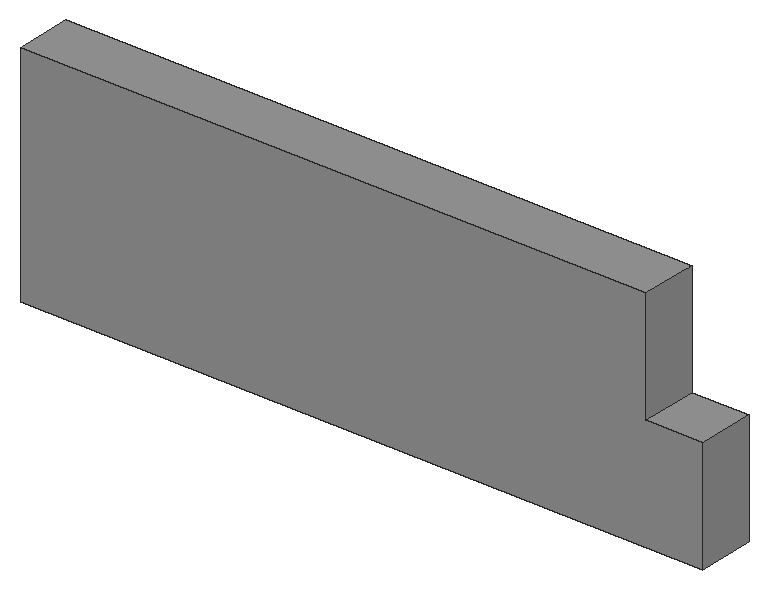
Revit family "10. Marina_PRecta_ESP", category Generic Models, host Wall, Revit 2015
Parameters (values of type "Stonepanel® SKY Marina. 20 cm - 60 cm")
  Ventajas de Stonepanel = "Eficaz: Instalación ágil y sencilla : 10 veces más rápido que la mampostería tradicional (Ritmo medio de colocación de 20 m2/día). Mayor rentabilidad gracias al menor desperdicio de material en obra y a la durabilidad de un producto natural frente a otros revestimientos. La colocación de los paneles no requiere mano de obra ni maquinaria especializada.\r\nSeguro: Un sistema de anclaje patentado, de acero inoxidable, que permite su instalación a más de 2 metros de altura. Base de cemento homogénea y rugosa que garantiza la adhesión y permite el corte sin desprendimiento.\r\nCalidad: Control permanente del proceso de producción desde la oficina I+D+I. Una cuidada selección de piedra natural realizada por los expertos de CUPASTONE. Disponibilidad de piezas especiales para adaptarse perfectamente a cada edificio: esquinas (macizas, rectas, dobles o para ventanas), cubremuros, y otros complementarios.\r\nEstética: Forma de “S” que evita la visión de las juntas para homogenizar el aspecto final. Gran variedad de paneles para elegir entre colores y acabados de piedra natural. La propia belleza y exclusividad de la piedra natural: Cada piedra es\r\núnica."
  Usos Indicados = "Revestimiento de Paredes exteriores e interiores en edificaciones nuevas o rehabilitaciones"
  Uniclass 2015 = "Pr_25_71_14_56 Natural stone panels"
  Uniclass 2 = "Pr_25_71_14_56 Natural stone panels"
  URL = "http://www.cupastone.es/producto/stonepanel-silvestre/"
  Sistema de anclaje = "Cinta perforada en acero inoxidable:\r\n- Naturaleza del acero: AISI 316 (1.4401) o AISI 304 (1.4301)\r\n- Espesor mínimo (mm) : 0,7\r\n- Ancho (mm) : 12 a 15\r\n- Diámetro del hueco (mm) : 6 ± 1\r\n\r\nTacos:\r\nLa elección de los tacos y clavijas de fijación debe ser realizada teniendo en cuenta la acción en depresión del viento (muros exteriores) y de la resistencia de los tacos en el soporte, en función de la naturaleza del soporte."
  Resistencia al fuego = "No combustible"
  Resistencia a la flexión = "-"
  Resistencia al hielo = "Sin alteraciones despues de 50 ciclos"
  Resistencia = "Buena resistencia"
  Peso = "10,3 kg"
  Oxidación = "No oxida"
  Otros datos de interés del producto = "Dispone de un anclaje para instalar a alturas superiores a 2 metros"
  Omniclass = "23-15 15 15 11"
  Número de serie = "SPZ-66N"
  NBS Reference = "45-25-45/380 Natural stone panels"
  Model = "Stonepanel® SKY Silvestre"
  Material = "Panel de arenisca dorada con distintas tonalidades tierra, crema y marrón que conforman una combinación elegante y luminosa."
  Limpieza = "En general, los paneles no requieren mantenimiento y son auto- limpiantes, pero la eliminación de algunos tipos de marcas pueden requerir un tratamiento especializado.\r\nEn caso de suciedad anormal, la superficie puede limpiarse con una mezcla / detergente doméstico y agua caliente , aplicada con una almohadilla de limpieza adecuado o una esponja."
  Largo = 600 mm
  Impacto = "-"
  Type Image = <None>
  Formato = "600x200"
  Forma de suministro = "Los paneles se presentan en parejas, en un embalaje plástico o en cajas de cartón de 3 o 4 piezas."
  Forma = "Forma de \"s\""
  Manufacturer = "Cupastone"
  Envejecimiento por cambio térmicos = "Sin alteraciones después de 20 ciclos."
  Ensayos realizados por SINTEF = "Ensayo a los materiales de piedra, Ensayos a los paneles, Durabilidad y absorción de agua"
  Ensayos realizados por DIBt = "Adherencia entre piedra y mortero, Adherencia entre piedra y mortero tras 50 ciclos de hielo-deshielo"
  Ensayos realizados por BBA = "Resistencia a daños por heladicidad, Resistencia a choque térmico, Adherencia entre piedra y mortero, Resistencia al arrancamiento del anclaje, Resistencia a impacto"
  Ensayos realizados por Avis Technique = "Resistencia mecánica del anclaje, Resistencia mecánica de la cinta de seguridad, Ensayo de durabilidad tras la acción del agua, Ensayo de durabilidad tras la acción del hielo, Ensayo sísmico"
  Durabilidad = "Según el certificado BBA, el sistema tiene una vida de diseño superior a 30 años."
  Detalles constructivos = "Detalles de:\r\n- Instalación con perfil metálico\r\n- Instalación de Stonepanel\r\n- Instalación en muro interior\r\n- Instalación del elemento de seguridad (cinta perforada + tacos)\r\n- Esquinas entrantes\r\n- Esquinas salientes\r\n- Esquinas salientes pre-fabricadas\r\n- Esquinas salientes mediante serrado del panel\r\n- Esquinas salientes sin continuidad de Stonepanel (caso de una fachada lateral)\r\n- Bordes superiores\r\n- Sobre parapeto\r\n- Marco de vano"
  Desfase de altura = 0 mm
  Description = "Pieza de piedra natural montada sobre una base de cemento y reforzada con una malla de fibra de vidrio .\r\nPosee sistema de anclaje patentado, de acero inoxidable, que permite su instalación a más de 2 metros de altura"
  Densidad aparente = "93,6 kg/m2"
  Color secundario = "Marrón, Rosáceo y Verde"
  Color principal = "Beige"
  Certificaciones = "BBA - Reino Unido, Avis Technique - Francia, DIBt - Alemania, SINTEF - Noruega"
  Aspecto = "Rústico"
  Ancho = 50 mm
  Alto = 200 mm
  Adherencia del mortero = ">1N/mm2"
  Acabado = "Natural (Opción de acabado Vintage SPZ 55TH)"
  Absorción = "Baja absorción"
Types (2): name
  Stonepanel® SKY Marina
  Stonepanel® SKY Marina. 20 cm - 60 cm
Reference planes
  plane 1 "Muro": y = 0
  plane 2 "Centro (Izquierda/Derecha)": x = 125
  plane 3 "Posterior": y = 75
Forms (mm)
  Extrusion 1, solid, material "Stonepanel® SKY Marina"
    sketch origin (0, 160, 1120) x (1, 0, 0) y (0, 0, 1)
      loop
        line (125, -1120) -> (125, -1020) -> (75, -1020) -> (75, -920) -> (-475, -920) -> (-475, -1120) -> (125, -1120)
    from 35 to 85
Text (mm)
  text "Cara de colocación" at (-1848.837, 1116.779, 0), in view "Nivel de referencia"
  text "Cara de colocación" at (0, 1409.804, 2854.306), in view "Izquierda"
  text "Cara de colocación" at (0, 499.811, 2980.732), in view "Derecha"
Dimensions and locks
  locked: plane 3 "Posterior" to host wall
  locked: Extrusion 1 to plane 3 "Posterior" at 0
  "Ancho": Extrusion 1 to Extrusion 1
  "Largo": Extrusion 1 to Extrusion 1
  locked: Extrusion 1 to Extrusion 1 at 100
  "Desfase de altura": level to Extrusion 1
  locked: Extrusion 1 to Extrusion 1 at 50
  "Alto": Extrusion 1 to Extrusion 1
  aligned and locked: plane 1 "Muro" to host wall
Automatic sketch dimensions
  Extrusion 1 sketch curve to level = 0 mm
  Extrusion 1 sketch curve to plane 2 "Centro (Izquierda/Derecha)" = 0 mm
  Extrusion 1 sketch curve to plane 2 "Centro (Izquierda/Derecha)" = 50 mm
  level to Extrusion 1 sketch curve = 200 mm
  Extrusion 1 sketch curve to Extrusion 1 sketch curve = 550 mm
  level to Extrusion 1 sketch curve = 100 mm
